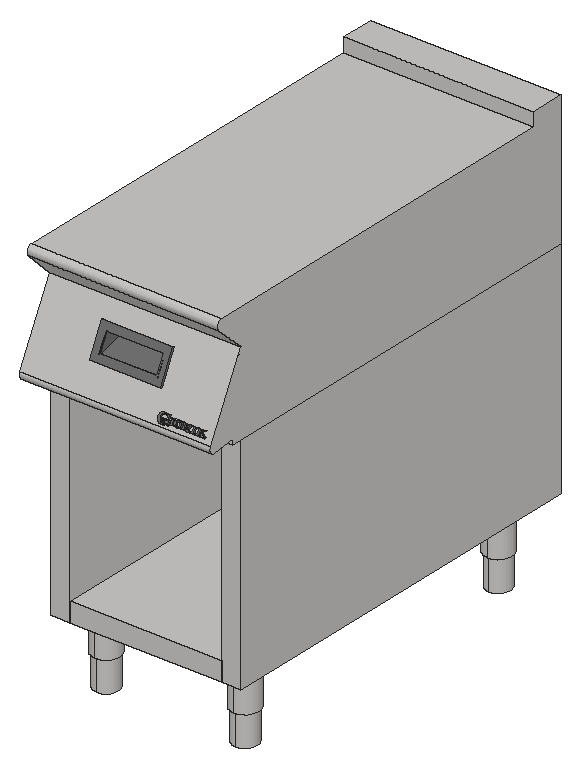
Revit family "QF_GIORIK_EN92CG", category Specialty Equipment, Revit 2014
Parameters (values of type "EN92CG")
  Weight in Pounds = 154.3234
  URL Cutsheet = "www.giorik.com"
  URL = "www.giorik.com"
  Status [instance] = ""
  Specification by User [instance] = ""
  Specification by Manufacturer = ""
  Show Logo [instance] = yes
  Show Clearance [instance] = yes
  Serial Number = ""
  Seismic Rating = ""
  SMACNA No = ""
  Revision Code [instance] = ""
  NAFEM Spec ID Number = ""
  Model = "EN92CG"
  Masterspec = ""
  Manufacturer = "GIORIK"
  Item Number [instance] = ""
  Installed By [instance] = ""
  Identify Quantity as Lot [instance] = no
  Furnished By [instance] = ""
  Foodservice Equipment Identifier [instance] = yes
  Description = "NEUTRAL UNIT WITH DRAWER ON OPEN BASE UNIT"
  CSI MasterFormat = ""
  Assembly Code = "E1090320"
Reference planes
  plane 1 "Back": y = 0
  plane 2: z = 0
  plane 3 "Left": x = 0
  plane 4 "Right": x = 400
  plane 5 "Front": y = -920
  plane 6 "Top": z = 900
Forms (mm)
  Extrusion 1, solid, visible <- "Show Logo"
    sketch origin (191.604, -936.761, 609.486) x (-1, 0, 0) y (0, 0.452718, 0.891654)
      loop
        line (-118.824, 58.358) -> (-127.804, 58.358) -> (-125.523, 56.445) -> (-125.523, 48.027) -> (-127.804, 46.113) -> (-118.824, 46.113) -> (-121.105, 48.027) -> (-121.105, 56.445) -> (-118.824, 58.358)
      loop
        line (-163.721, 58.358) -> (-172.7, 58.358) -> (-170.42, 56.445) -> (-170.42, 48.027) -> (-172.7, 46.113) -> (-163.721, 46.113) -> (-166.001, 48.027) -> (-166.001, 56.445) -> (-163.721, 58.358)
      loop
        line (-174.332, 58.358) -> (-183.312, 58.358) -> (-181.031, 56.445) -> (-181.031, 52.435) -> (-186.419, 56.955) -> (-184.416, 58.358) -> (-191.268, 58.358) -> (-188.01, 56.839) -> (-185.455, 54.283) -> (-190.846, 47.858) -> (-193.396, 46.93) -> (-193.396, 46.113) -> (-184.416, 46.113) -> (-185.437, 47.571) -> (-182.443, 51.552) -> (-181.031, 50.894) -> (-181.031, 48.027) -> (-183.312, 46.113) -> (-174.332, 46.113) -> (-176.613, 48.027) -> (-176.613, 56.445) -> (-174.332, 58.358)
      loop
        line (-115.429, 62.063) -> (-115.429, 54.198)
        arc (-115.429, 54.198) -> (-111.618, 57.803) -> (-106.847, 59.986) r 16.039
        arc (-106.847, 59.986) -> (-103.314, 59.837) -> (-100.512, 57.68) r 5.851
        arc (-100.512, 57.68) -> (-98.815, 52.267) -> (-100.512, 46.853) r 9.479
        arc (-100.512, 46.853) -> (-102.406, 44.986) -> (-104.846, 43.93) r 7.236
        arc (-104.846, 43.93) -> (-107.728, 44.111) -> (-110.052, 45.825) r 5.11
        line (-110.052, 45.825) -> (-110.052, 52.001) -> (-116.141, 52.001) -> (-116.141, 45.503) -> (-117.893, 43.751) -> (-114.094, 44.769)
        arc (-114.094, 44.769) -> (-112.56, 44.947) -> (-111.129, 44.366) r 3.115
        arc (-111.129, 44.366) -> (-104.216, 42.091) -> (-97.303, 44.366) r 11.641
        arc (-97.303, 44.366) -> (-93.396, 52.107) -> (-97.303, 59.849) r 9.622
        arc (-97.303, 59.849) -> (-104.369, 62.174) -> (-111.435, 59.849) r 11.898
        line (-111.435, 59.849) -> (-115.429, 62.063)
      loop
        arc (-129.234, 56.068) -> (-135.893, 58.628) -> (-142.552, 56.068) r 9.941
        arc (-142.552, 56.068) -> (-144.234, 52.286) -> (-142.552, 48.505) r 5.093
        arc (-142.552, 48.505) -> (-135.893, 45.945) -> (-129.234, 48.505) r 9.941
        arc (-129.234, 48.505) -> (-127.552, 52.286) -> (-129.234, 56.068) r 5.093
      loop
        arc (-132.628, 54.403) -> (-135.893, 57.668) -> (-139.158, 54.403) r 3.265
        line (-139.158, 54.403) -> (-139.158, 50.169)
        arc (-139.158, 50.169) -> (-135.893, 46.904) -> (-132.628, 50.169) r 3.265
        line (-132.628, 50.169) -> (-132.628, 54.403)
      loop
        arc (-156.363, 58.365) -> (-159.647, 55.081) -> (-156.363, 51.796) r 3.285
        line (-156.363, 51.796) -> (-159.529, 47.306) -> (-162.087, 46.113) -> (-155.847, 46.113) -> (-153.529, 51.083) -> (-150.637, 51.083) -> (-150.637, 47.784) -> (-153.022, 46.113) -> (-144.011, 46.113) -> (-146.094, 47.68) -> (-146.094, 56.493) -> (-144.229, 58.365) -> (-156.363, 58.365)
      loop
        line (-150.637, 57.512) -> (-153.637, 57.512)
        arc (-153.637, 57.512) -> (-156.237, 54.912) -> (-153.637, 52.312) r 2.6
        line (-153.637, 52.312) -> (-150.637, 52.312) -> (-150.637, 57.512)
      loop
        line (-108.924, 52.001) -> (-104.936, 49.005) -> (-100.948, 52.001) -> (-108.924, 52.001)
    from 1.5 to -0.5
  Extrusion 2, solid
    sketch origin (0, 800, -20) x (0, 1, 0) y (0, 0, 1)
      loop
        line (-800, 919.988) -> (-870, 919.988) -> (-870, 889.988) -> (-1688.806, 889.988)
        arc (-1688.806, 889.988) -> (-1699.151, 883.075) -> (-1696.724, 870.873) r 11.197
        line (-1696.724, 870.873) -> (-1640.876, 815.025) -> (-1718.948, 661.258)
        arc (-1718.948, 661.258) -> (-1718.233, 650.105) -> (-1708.118, 645.354) r 10.981
        line (-1708.118, 645.354) -> (-1660, 649.925) -> (-1660, 640) -> (-800, 640) -> (-800, 919.988)
    from 0 to 400
  Extrusion 3, solid
    sketch origin (0, -200, 599.536) x (1, 0, 0) y (0, 1, 0)
      loop
        line (0, -640) -> (40, -640) -> (40, 160) -> (360, 160) -> (360, -640) -> (400, -640) -> (400, 200) -> (0, 200) -> (0, -640)
    from -449.536 to 20.464
  Extrusion 4, solid
    sketch origin (0, -200, 0) x (1, 0, 0) y (0, 1, 0)
      loop
        line (40, 160) -> (40, -640) -> (360, -640) -> (360, 160) -> (40, 160)
    from 150 to 190
  Extrusion 5, solid
    sketch origin (-16, 360.81, 0) x (1, 0, 0) y (0, 1, 0)
      loop
        line (25, -1086.81) -> (25, -1156.81) -> (115, -1156.81) -> (115, -1086.81) -> (25, -1086.81)
    from 148 to 150
  Revolve 6, solid
    sketch origin (54, 360.81, 0) x (0, 1, 0) y (0, 0, 1)
      loop
        line (-1092.56, 66) -> (-1092.56, 148) -> (-1121.81, 148) -> (-1121.81, 0) -> (-1096.81, 0) -> (-1096.81, 66) -> (-1092.56, 66)
      axis (-1121.81, 0) -> (-1121.81, 148)
    angle from 0 to 360
  Revolve 7, solid
    sketch origin (54, 1025.81, 0) x (0, 1, 0) y (0, 0, 1)
      loop
        line (-1092.56, 66) -> (-1092.56, 148) -> (-1121.81, 148) -> (-1121.81, 0) -> (-1096.81, 0) -> (-1096.81, 66) -> (-1092.56, 66)
      axis (-1121.81, 0) -> (-1121.81, 148)
    angle from 0 to 360
  Extrusion 8, solid
    sketch origin (416, 360.81, 0) x (-1, 0, 0) y (0, -1, 0)
      loop
        line (25, 1086.81) -> (115, 1086.81) -> (115, 1156.81) -> (25, 1156.81) -> (25, 1086.81)
    from 148 to 150
  Revolve 9, solid
    sketch origin (346, 360.81, 0) x (0, 1, 0) y (0, 0, -1)
      loop
        line (-1092.56, -66) -> (-1096.81, -66) -> (-1096.81, 0) -> (-1121.81, 0) -> (-1121.81, -148) -> (-1092.56, -148) -> (-1092.56, -66)
      axis (-1121.81, 0) -> (-1121.81, -148)
    angle from 0 to 360
  Extrusion 10, solid
    sketch origin (416, -1217.81, 0) x (-1, 0, 0) y (0, -1, 0)
      loop
        line (25, -1086.81) -> (25, -1156.81) -> (115, -1156.81) -> (115, -1086.81) -> (25, -1086.81)
    from 148 to 150
  Revolve 11, solid
    sketch origin (346, -1217.81, 0) x (0, -1, 0) y (0, 0, 1)
      loop
        line (-1092.56, 66) -> (-1092.56, 148) -> (-1121.81, 148) -> (-1121.81, 0) -> (-1096.81, 0) -> (-1096.81, 66) -> (-1092.56, 66)
      axis (-1121.81, 0) -> (-1121.81, 148)
    angle from 0 to 360
  Extrusion 12, solid, visible <- "Show Clearance", detail levels coarse
    sketch origin (0, -155, 232) x (0, 1, 0) y (0, 0, 1)
      loop
        line (-685, 393.257) -> (-685, 563) -> (-1220, 563) -> (-1220, 393.257) -> (-685, 393.257)
    from 0 to 400
  Extrusion 13, solid
    sketch origin (200, -520.043, -86.16) x (0, 0.891654, -0.452718) y (0, 0.452718, 0.891654)
      loop
        line (-642, 585) -> (-685, 545) -> (-681.85, 545) -> (-642, 582.07) -> (-642, 585)
    from -60 to 60
  Extrusion 14, solid
    sketch origin (-200, -1130.826, 223.952) x (1, 0, 0) y (0, 0.452718, 0.891654)
      loop
        line (340, 585) -> (340, 545) -> (460, 545) -> (460, 585) -> (340, 585)
      loop
        line (325, 600) -> (325, 530) -> (475, 530) -> (475, 600) -> (325, 600)
    from 0 to 2
  Extrusion 15, solid
    sketch origin (-200, -520.043, -86.16) x (1, 0, 0) y (0, 0.452718, 0.891654)
      loop
        line (338, 587) -> (338, 543) -> (462, 543) -> (462, 587) -> (338, 587)
      loop
        line (340, 585) -> (340, 545) -> (460, 545) -> (460, 585) -> (340, 585)
    from 642 to 685
  Extrusion 16, void
    sketch origin (-200, -200, 0) x (0, 1, 0) y (0, 0, 1)
      loop
        line (-665.08, 747.353) -> (-685, 708.12) -> (-644.876, 687.748) -> (-624.956, 726.98) -> (-665.08, 747.353)
    from 338 to 462
  Extrusion 17, solid
    sketch origin (-16, -1217.81, 0) x (1, 0, 0) y (0, 1, 0)
      loop
        line (25, 1086.81) -> (115, 1086.81) -> (115, 1156.81) -> (25, 1156.81) -> (25, 1086.81)
    from 148 to 150
Cuts and joins
  Extrusion 16 cuts Extrusion 2
Lines and regions (mm)
  symbolic lines, style "200-EquipBorder-2D"
    curve 1: line (0, -920, 0) -> (400, -920, 0)
    curve 2: line (400, -920, 0) -> (400, 0, 0)
    curve 3: line (400, 0, 0) -> (0, 0, 0)
    curve 4: line (0, 0, 0) -> (0, -920, 0)
  symbolic lines, style "QF_Door-Drawer Clearances", visible <- "Show Clearance", detail levels coarse
    curve 5: line (0, -920, 0) -> (0, -1375, 0)
    curve 6: line (0, -1375, 900) -> (400, -1375, 900)
    curve 7: line (400, -1375, 900) -> (400, -920, 900)
  symbolic lines, style "200-EquipInternal-2D"
    curve 8: line (0, -70, 900) -> (400, -70, 900)
Dimensions and locks
  plane 3 "Left" to plane 4 "Right" = 400 mm
  plane 5 "Front" to plane 1 "Back" = 920 mm
  plane 4 "Right" to plane 3 "Left" = 400 mm
  plane 1 "Back" to plane 5 "Front" = 920 mm
  plane 6 "Top" to level = 900 mm  (x2)
  aligned and locked: level to plane 2
